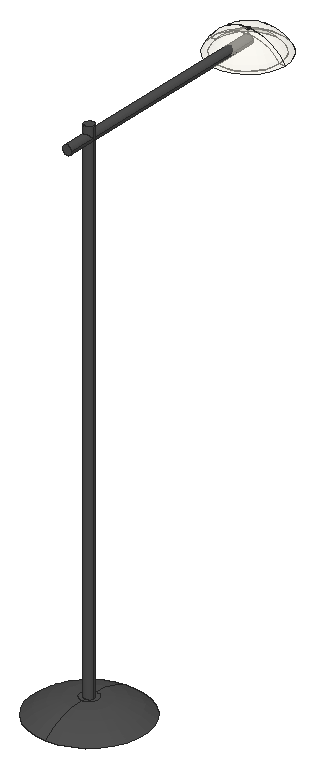
Revit family "M_Abajur de pé - Extensão de braço", category Luminárias, Revit 2019
Family settings
  Cota do conector redondo = Utilizar diâmetro
  Tipo de parte = Normal
  Número OmniClass = 23.80.70.11.11
  Título OmniClass = General Luminaries, Non Directional
  ID de item do Seek = Floor Lamp - Arm Extension-0000-CAN-ENU
  Com base no plano de trabalho = Não
  Sempre na vertical = Sim
  Corte com vazios quando carregada = Não
  Fonte luminosa = Sim
  Compartilhado = Não
  Ponto de cálculo do ambiente = Não
Parameters (values of type "150W - 277V")
  Wattage = 150 W
  built-in parameter 1150110 = 1 (stored number, unit not read)
  built-in parameter 1114217 = 1 (stored number, unit not read)
  built-in parameter 1150109 = 1 (stored number, unit not read)
  built-in parameter 1150134 = 3
  built-in parameter 1150113 = 1 (stored number, unit not read)
  Tilt Angle = 90.00°
  Arquivo de rede fotométrica = "FLAE1T4_B.IES"
  built-in parameter 1150115 = 1 (stored number, unit not read)
  built-in parameter 1150105 = 214.86 (stored number, unit not read)
  Classificação de carga = Iluminação - Unidade de interrupção
  built-in parameter 1150137 = 1
  built-in parameter 1150139 = (empty or 0)
  built-in parameter 1150112 = 1 (stored number, unit not read)
  built-in parameter 1150114 = 1 (stored number, unit not read)
  built-in parameter 1150132 = (empty or 0)
  built-in parameter 1150102 = (empty or 0)
  built-in parameter 1150138 = (empty or 0)
  built-in parameter 1150107 = 3200 (stored number, unit not read)
  built-in parameter 1150106 = 2.1486 (stored number, unit not read)
  built-in parameter 1150104 = 1.6723 (stored number, unit not read)
  Dimming Lamp Color Temperature Shift = (empty or 0)
  Color Filter = 16777215
  Voltagem do transformador = 277 V
  Transformador por número de postes = 1
  built-in parameter 1114218 = 1 (stored number, unit not read)
  built-in parameter 1150133 = 10 (stored number, unit not read)
  Código de montagem = "D5020230"
  Lâmpada = "T-4"
  Lumens = 2700 lm
  Sombra = Vidro, Jateado
  Suporte = Aço, Cromo polido
  Comentários de voltagem = "150"
  Carga aparente = 150 VA
Types (5, lengths in mm): name | Wattage | Arquivo de rede fotométrica | built-in parameter 1150105 | built-in parameter 1150106 | Voltagem do transformador | Lumens | Comentários de voltagem | Carga aparente
  (no name) | 150 W | "FLAE1T4_B.IES" | 214.86 (stored number, unit not read) | 2.1486 (stored number, unit not read) | 277 V | 2700 lm | "150" | 150 VA
  100W - 120V | 100 W | "FLAE1T4_A.IES" | 143.24 (stored number, unit not read) | 1.4324 (stored number, unit not read) | 120 V | 1800 lm | "100" | 100 VA
  100W - 277V | 100 W | "FLAE1T4_A.IES" | 143.24 (stored number, unit not read) | 1.4324 (stored number, unit not read) | 277 V | 1800 lm | "100" | 100 VA
  150W - 120V | 150 W | "FLAE1T4_B.IES" | 214.86 (stored number, unit not read) | 2.1486 (stored number, unit not read) | 120 V | 2700 lm | "150" | 150 VA
  150W - 277V | 150 W | "FLAE1T4_B.IES" | 214.86 (stored number, unit not read) | 2.1486 (stored number, unit not read) | 277 V | 2700 lm | "150" | 150 VA
Reference planes
  plane 1: y = 0
  plane 2: z = 0
  plane 3 "Eixo de origem da luz": x = 0
  plane 4 "Elevação da origem da luz": z = 1422.4
  plane 5 "Eixo de origem da luz": y = 558.8
  plane 6 "Base": z = 44.971
Forms (mm)
  Revolve 1, solid, material "Aço, Cromo polido" <- "Suporte"
    sketch origin (0, 0, 0) x (0, 1, 0) y (0, 0, 1)
      loop
        line (2.467, 0) -> (152.4, 0)
        arc (152.4, 0) -> (92.764, 33.396) -> (25.4, 44.971) r 201.812
        line (25.4, 44.971) -> (2.467, 44.971) -> (2.467, 0)
      axis (0, 0) -> (0, 44.971)
    angle from 0 to 360
  Extrusion 2, solid, material "Aço, Cromo polido" <- "Suporte"
    sketch origin (0, 0, 0) x (1, 0, 0) y (0, 1, 0)
      loop
        circle (0, 0) r 13.052
    from 44.638 to 1485.9
  Extrusion 3, solid, material "Aço, Cromo polido" <- "Suporte"
    sketch origin (0, 0, 0) x (-1, 0, 0) y (0, 0, 1)
      loop
        circle (-0.158, 1454.15) r 12.7
    from -76.2 to 558.8
  Revolve 4, solid, material "Vidro, Jateado" <- "Sombra"
    sketch origin (0, 558.8, 0) x (-1, 0, 0) y (0, 0, 1)
      loop
        line (88.144, 1422.4) -> (104.079, 1422.4)
        arc (104.079, 1422.4) -> (63.857, 1465.99) -> (6.777, 1482.106) r 109.139
        line (6.777, 1482.106) -> (0.635, 1482.106) -> (0.635, 1466.231)
        arc (0.635, 1466.231) -> (50.165, 1455.846) -> (88.144, 1422.4) r 99.299
      axis (-0.158, 1422.4) -> (-0.158, 1482.106)
    angle from 0 to 360
Lines and regions (mm)
  Masking region 1
    outline origin (0, 0, 0) x (1, 0, 0) y (0, 1, 0)
      loop
        circle (0, 558.8) r 101.714
  Masking region 2
    outline origin (0, 0, 44.971) x (-1, 0, 0) y (0, -1, 0)
      loop
        circle (0, 0) r 152.4
  symbolic lines
    curve 1: arc (25.608, 0, 0) -> (0, 25.608, 0) -> (-25.608, 0, 0) r 25.608
    curve 2: arc (-25.608, 0, 0) -> (0, -25.608, 0) -> (25.608, 0, 0) r 25.608
    curve 3: arc (152.4, 0, 44.971) -> (0, 152.4, 44.971) -> (-152.4, 0, 44.971) r 152.4
    curve 5: line (0, -76.332, 0) -> (0, 457.086, 0)
    curve 6: arc (101.714, 558.8, 0) -> (0, 660.514, 0) -> (-101.714, 558.8, 0) r 101.714
    curve 7: arc (-101.714, 558.8, 0) -> (0, 457.086, 0) -> (101.714, 558.8, 0) r 101.714
  symbolic lines, style "LightingFixtures"
    curve 4: arc (-152.4, 0, 44.971) -> (0, -152.4, 44.971) -> (152.4, 0, 44.971) r 152.4
Dimensions and locks
  plane 1 to curve 7 = 558.8 mm
  locked: plane 4 "Elevação da origem da luz" to Extrusion 3 sketch curve at 31.75
  locked: Revolve 4 sketch curve to plane 4 "Elevação da origem da luz" at 49.433
  locked: Revolve 4 sketch curve to plane 4 "Elevação da origem da luz" at 55.339
  locked: plane 4 "Elevação da origem da luz" to Extrusion 2 at 63.5
  plane 2 to plane 4 "Elevação da origem da luz" = 1422.4 mm
  aligned and locked: plane 3 "Eixo de origem da luz" to curve 5
  aligned and locked: Masking region 1 sketch curve to curve 6
  aligned and locked: Masking region 1 sketch curve to curve 7
  aligned and locked: Masking region 2 sketch curve to curve 4
  aligned and locked: plane 3 "Eixo de origem da luz" to imposter light
  aligned and locked: plane 5 "Eixo de origem da luz" to imposter light
  aligned and locked: plane 4 "Elevação da origem da luz" to imposter light
Connectors
  electrical at (0.158, 558.8, 1454.15), driven by "Carga aparente", driven by "Voltagem do transformador", driven by "Transformador por número de postes", driven by "Classificação de carga"
    settings: on Extrusion 3, index 1, voltage 277 V, apparent load 0 VA, apparent load phase1 150 VA, apparent load phase2 0 VA, apparent load phase3 0 VA, power factor 0.95, load classification "Iluminação - Unidade de interrupção", number of poles 1, system type 31, power factor state 1, is connector primary yes, connector utility no, sub classification motor no, connector description ""
